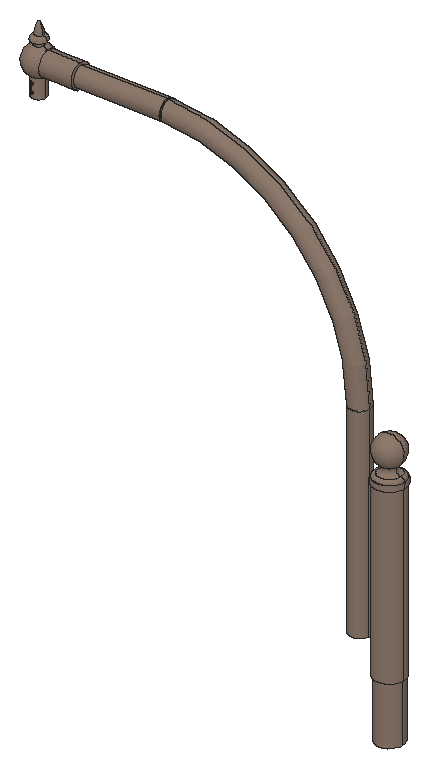
Revit family "PA021", category Generic Models, Revit 2014
Parameters
  TUBING = Bronze, Architectural
  TOP CAP = Bronze, Architectural
  OUTLET = Bronze, Architectural
  CROWN = Bronze, Architectural
  CONNECTING ROD = Bronze, Architectural
  BODY = Bronze, Architectural
  BASE = Bronze, Architectural
Reference planes (in)
  plane 1 "Center (Front/Back)": y = 0
  plane 2: z = 0
  plane 3 "Center (Left/Right)": x = 0
  plane 4: z = 62.25044
  plane 5: z = 63.00044
  plane 6: z = 64.00044
  plane 7: x = -48.00042
Forms (in)
  Revolve 1, solid, material "Bronze, Architectural" <- "BASE"
    sketch origin (0, 0, 0) x (1, 0, 0) y (0, 0, 1)
      loop
        line (0, 8.00044) -> (-1.81292, 8.00044) -> (-1.81292, 0) -> (0, 0) -> (0, 8.00044)
      axis (0, 8.00044) -> (0, 0)
    angle from 0 to 360
  Revolve 2, solid, material "Bronze, Architectural" <- "BODY"
    sketch origin (0, 0, 0) x (1, 0, 0) y (0, 0, 1)
      loop
        line (2.00651, 31.60101) -> (0, 31.60101) -> (0, 8.00044) -> (2.00651, 8.00044) -> (2.00651, 31.60101)
      axis (0, 31.60101) -> (0, 8.00044)
    angle from 0 to 360
  Revolve 3, solid, material "Bronze, Architectural" <- "TOP CAP"
    sketch origin (0, 0, 0) x (1, 0, 0) y (0, 0, 1)
      loop
        line (0, 32.77826) -> (-1.52301, 32.77826)
        arc (-1.52301, 32.77826) -> (-1.84997, 32.6656) -> (-1.99349, 32.35095) r 0.43833
        line (-1.99349, 32.35095) -> (0, 32.35095) -> (0, 32.77826)
      axis (0, 32.77826) -> (0, 32.35095)
    angle from 0 to 360
  Revolve 4, solid, material "Bronze, Architectural" <- "TOP CAP"
    sketch origin (0, 0, 0) x (1, 0, 0) y (0, 0, 1)
      loop
        line (0, 31.60101) -> (0, 32.35095) -> (-2.11849, 32.35095) -> (-2.11849, 31.60101) -> (0, 31.60101)
      axis (0, 32.35095) -> (0, 31.60101)
    angle from 0 to 360
  Revolve 5, solid, material "Bronze, Architectural" <- "TOP CAP"
    sketch origin (0, 0, 0) x (1, 0, 0) y (0, 0, 1)
      loop
        line (0, 33.96942) -> (-1.15017, 33.96942)
        arc (-1.15017, 33.96942) -> (-0.89894, 33.23685) -> (-1.52301, 32.77826) r 0.65393
        line (-1.52301, 32.77826) -> (0, 32.77826) -> (0, 33.96942)
      axis (0, 33.96942) -> (0, 32.77826)
    angle from 0 to 360
  Revolve 6, solid, material "Bronze, Architectural" <- "TOP CAP"
    sketch origin (0, 0, 0) x (1, 0, 0) y (0, 0, 1)
      loop
        arc (0, 37.601) -> (-2, 35.601) -> (0, 33.601) r 2
        line (0, 33.601) -> (0, 37.601)
      axis (0, 37.601) -> (0, 33.601)
    angle from 0 to 360
  Revolve 7, solid, material "Bronze, Architectural" <- "CONNECTING ROD"
    sketch origin (0, 0, 0) x (1, 0, 0) y (0, 0, 1)
      loop
        line (-2.72637, 31.32056) -> (-2.72637, 11.97072)
        arc (-2.72637, 11.97072) -> (-2.55556, 12.0884) -> (-2.35159, 12.12605) r 0.49668
        line (-2.35159, 12.12605) -> (-2.35159, 31.16772)
        arc (-2.35159, 31.16772) -> (-2.55662, 31.20088) -> (-2.72637, 31.32056) r 0.46163
      axis (-2.35159, 31.32056) -> (-2.35159, 11.97072)
    angle from 0 to 360
  Revolve 8, solid, material "Bronze, Architectural" <- "TUBING"
    sketch origin (0, 0, 0) x (1, 0, 0) y (0, 0, 1)
      loop
        line (-4.10137, 39.62635) -> (-5.47637, 39.62635) -> (-5.47637, 11.83483) -> (-4.10137, 11.83483) -> (-4.10137, 39.62635)
      axis (-4.10137, 39.62635) -> (-4.10137, 11.83483)
    angle from 0 to 360
  Revolve 9, solid, material "Bronze, Architectural" <- "TUBING"
    sketch origin (0, 0, 0) x (1, 0, 0) y (0, 0, 1)
      loop
        line (-30.28104, 66.62501) -> (-42.25042, 66.62501) -> (-42.25042, 65.25044) -> (-30.28104, 65.25044) -> (-30.28104, 66.62501)
      axis (-30.28104, 66.62501) -> (-42.25042, 66.62501)
    angle from 0 to 360
  Revolve 10, solid, material "Bronze, Architectural" <- "OUTLET"
    sketch origin (0, 0, 0) x (1, 0, 0) y (0, 0, 1)
      loop
        line (-42.25042, 66.62501) -> (-46.83449, 66.62501) -> (-46.83449, 65.00044) -> (-42.25042, 65.00044) -> (-42.25042, 66.62501)
      axis (-42.25042, 66.62501) -> (-46.83449, 66.62501)
    angle from 0 to 360
  Revolve 11, solid, material "Bronze, Architectural" <- "OUTLET"
    sketch origin (0, 0, 0) x (1, 0, 0) y (0, 0, 1)
      loop
        line (-48.00042, 65.00044) -> (-48.95838, 65.00044) -> (-48.95838, 62.25044) -> (-48.00042, 62.25044) -> (-48.00042, 65.00044)
      axis (-48.00042, 65.00044) -> (-48.00042, 62.25044)
    angle from 0 to 360
  Revolve 12, solid, material "Bronze, Architectural" <- "CROWN"
    sketch origin (0, 0, 0) x (1, 0, 0) y (0, 0, 1)
      loop
        arc (-48.09213, 71.3651) -> (-48.40635, 70.61636) -> (-48.51842, 69.81213) r 3.1452
        arc (-48.51842, 69.81213) -> (-48.88506, 69.56152) -> (-49.03954, 69.14513) r 0.73254
        arc (-49.03954, 69.14513) -> (-48.68431, 68.90577) -> (-48.58088, 68.4901) r 0.5969
        line (-48.58088, 68.4901) -> (-47.98713, 68.4901) -> (-47.98713, 71.3651) -> (-48.09213, 71.3651)
      axis (-47.98713, 71.3651) -> (-47.98713, 68.4901)
    angle from 0 to 360
  Revolve 13, solid, material "Bronze, Architectural" <- "OUTLET"
    sketch origin (0, 0, 0) x (1, 0, 0) y (0, 0, 1)
      loop
        arc (-48.72364, 68.4901) -> (-49.98452, 66.87715) -> (-49.16634, 65.00044) r 2
        line (-49.16634, 65.00044) -> (-47.98713, 65.00044) -> (-47.98713, 68.4901) -> (-48.72364, 68.4901)
      axis (-47.98713, 68.4901) -> (-47.98713, 65.00044)
    angle from 0 to 360
  SweptBlend 14, solid, material "Bronze, Architectural" <- "TUBING"
    path origin (0, 0, 0) x (1, 0, 0) y (0, 0, 1)
      loop
        arc (-4.10137, 39.62635) -> (-11.77634, 58.47749) -> (-30.4281, 66.62501) r 27.02073
    profile origin (-4.10137, 0, 39.62635) x (-1, 0, -0.000487) y (0, -1, 0)
      loop
        circle (0, 0) r 1.375
    end profile origin (-30.4281, 0, 66.62501) x (-0.025684, 0, -0.99967) y (0, -1, 0)
      loop
        circle (0, 0) r 1.37411
  Revolve 15, void
    sketch origin (0, 0, 0) x (1, 0, 0) y (0, 0, 1)
      loop
        line (0, 8.00044) -> (-1.37542, 8.00044) -> (-1.37542, 0) -> (0, 0) -> (0, 8.00044)
      axis (0, 8.00044) -> (0, 0)
    angle from 0 to 360
  Revolve 16, void
    sketch origin (0, 0, 0) x (1, 0, 0) y (0, 0, 1)
      loop
        line (-48.83338, 62.25044) -> (-48.00042, 62.25044) -> (-48.00042, 66.25044) -> (-48.83338, 66.25044) -> (-48.83338, 62.25044)
      axis (-48.00042, 62.25044) -> (-48.00042, 66.25044)
    angle from 0 to 360
  Extrusion 17, void
    sketch origin (0, 0, 0) x (1, 0, 0) y (0, 0, 1)
      loop
        circle (-48.00042, 64.00044) r 0.125
      loop
        circle (-48.00042, 63.00044) r 0.125
    from -0.97826 to 1.0503
Cuts and joins
  Revolve 15 cuts Revolve 1
  Revolve 15 cuts Revolve 2
  Revolve 16, Extrusion 17 cuts Revolve 11
  Revolve 16 cuts Revolve 13
Dimensions and locks (in)
  aligned and locked: plane 2 to level
